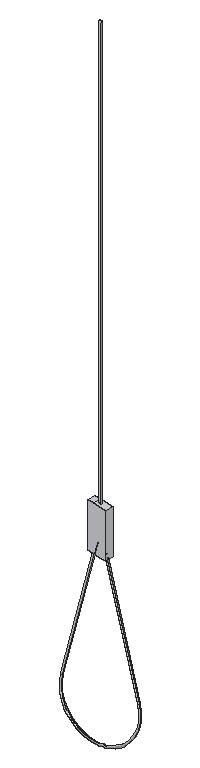
Revit family "Gripple Standard Hanger", category Specialty Equipment, Revit 2017
Family settings
  Round Connector Dimension = Use Diameter
  Part Type = Normal
  Work Plane-Based = Yes
  Always vertical = Yes
  Cut with Voids When Loaded = No
  Shared = Yes
  Room Calculation Point = No
Parameters (values of type "HF1")
  Wire Entry Triangle Top Distance = Gripple Length / 2  # 20 mm
  T/2 (-) = -(T / 2)  # -3.5 mm
  T/2 = T / 2  # 3.5 mm
  T = 7 mm
  Suspension End Fixing [instance] = ""
  Schedule Level [instance] = ""
  Schedule Discipline [instance] = ""
  Schedule Area [instance] = ""
  Included Angle (Max 60deg) [instance] = 30.00°
  Hanger SWL (kg) = "10 kg"
  Loop Centre [instance] = 100 mm
  Half Angle [instance] = [Included Angle (Max 60deg)] / 2  # 15.00°
  Gripple Width = 15 mm
  Gripple Length = 40 mm
  Gripple Kit Length (m) [instance] = roundup((2.5 * Loop Centre + Distance From Soffit + (150 mm / 1)) / 1000 mm / 1) * 1 mm  # 1 mm
  Go To URL [instance] = "http://www.gripple.co.uk/gb/en/p1/a14/standard-hanger"
  WireRadius = 0.8 mm
  Diameter [instance] = 92.959 mm
  D = 5 mm
  Distance From Soffit [instance] = 400 mm
  URL = "http://www.gripple.co.uk/gb/en/p1/a14/standard-hanger"
  Model = "Standard Hanger No1"
  Manufacturer = "Gripple Ltd"  # constant formula
  Default Elevation = 0 mm
  Assembly Code = "HF1"
Types (5, lengths in mm): name | Wire Entry Triangle Top Distance | T/2 (-) | T/2 | T | Hanger SWL (kg) | Gripple Width | Gripple Length | WireRadius | D | Model | Assembly Code
  HF2 | 22.5 | -3.5 | 3.5 | 7 | "45 kg" | 25 | 45 | 1 | 6 | "Standard Hanger No2" | "HF2"
  HF3 | 22.5 | -3.5 | 3.5 | 7 | "90 kg" | 25 | 45 | 1.5 | 6 | "Standard Hanger No3" | "HF3"
  HF4 | 31 | -6 | 6 | 12 | "225 kg" | 37 | 62 | 2.4 | 6 | "Standard Hanger No4" | "HF4"
  HF5 | 52.5 | -6 | 6 | 12 | "325 kg" | 48 | 105 | 3 | 6 | "Standard Hanger No5" | "HF5"
  HF1 | 20 | -3.5 | 3.5 | 7 | "10 kg" | 15 | 40 | 0.8 | 5 | "Standard Hanger No1" | "HF1"
Reference planes
  plane 1 "Center (Front/Back)": y = 0
  plane 2: z = 0
  plane 3 "Center (Left/Right)": x = 0
  plane 4: x = -7.5
  plane 5: x = 7.5
  plane 6: z = -360
  plane 7: z = -400
  plane 8: z = -500
  plane 9: z = -380
  plane 10: z = -370
  plane 11: z = -500
Forms (mm)
  Revolve 1, solid, detail levels fine
    sketch origin (0, 0, -206.25) x (1, 0, 0) y (0, 0, 1)
      loop
        line (0, -163.75) -> (0, 206.25) -> (-0.8, 206.25) -> (-0.8, -163.75) -> (0, -163.75)
      axis (0, -163.75) -> (0, 206.25)
    angle from 0 to 360
  Extrusion 2, solid, detail levels fine
    sketch origin (0, 0, -206.25) x (1, 0, 0) y (0, 0, 1)
      loop
        line (-7.5, -153.75) -> (-7.5, -191.071) -> (2.5, -193.75) -> (7.5, -193.75) -> (7.5, -156.429) -> (-2.5, -153.75) -> (-7.5, -153.75)
    from 3.5 <- "T/2" to -3.5 <- "T/2 (-)"
  Sweep 3, solid, detail levels fine
    path origin (0, 0, -206.25) x (1, 0, 0) y (0, 0, 1)
      loop
        line (0, -173.75) -> (-32.154, -293.75)
        arc (-32.154, -293.75) -> (0, -335.654) -> (32.154, -293.75) r 33.288
        line (32.154, -293.75) -> (0, -173.75)
    profile origin (16.077, 0, -440) x (0.965926, 0, 0.258819) y (0, -1, 0)
      loop
        circle (0, 0) r 0.8
Lines and regions (mm)
  reference lines
    curve 1: line (-2.5, 0, -360) -> (7.5, 0, -362.679)
    curve 2: line (2.5, 0, -400) -> (-7.5, 0, -397.321)
    curve 3: line (0, 0, -380) -> (-32.154, 0, -500)
    curve 4: line (0, 0, -380) -> (32.154, 0, -500)
    curve 5: arc (-32.154, 0, -500) -> (0, 0, -541.904) -> (32.154, 0, -500) r 33.288
  model lines, detail levels coarse+medium
    curve 6: line (0, 0, 0) -> (0, 0, -500)
    curve 7: line (-46.479, 0, 0) -> (46.479, 0, 0)
Dimensions and locks
  "WireRadius": Revolve 1 sketch curve to Revolve 1 sketch curve
  equal spacing: plane 5, plane 3 "Center (Left/Right)", plane 4
  "Gripple Width": plane 5 to plane 4
  "Gripple Length": plane 6 to plane 7
  "D": curve 1 to plane 4
  "D": curve 2 to plane 5
  "Wire Entry Triangle Top Distance": plane 9 to plane 7
  "Loop Centre": plane 7 to plane 11
  plane 6 to plane 10 = 10 mm
  "Distance From Soffit": plane 2 to plane 7
  "WireRadius": radius of Sweep 3 sketch curve
  locked: curve 1 to plane 6 (angle 15.00°)
  locked: curve 2 to plane 7 (angle 15.00°)
  "Half Angle": angle curve 3 to plane 3 "Center (Left/Right)" to curve 4
  angle curve 3 to curve 4 = 30.00°
  aligned and locked: level to plane 2
  aligned and locked: plane 3 "Center (Left/Right)" to Revolve 1 sketch curve
  aligned and locked: Revolve 1 sketch curve to plane 3 "Center (Left/Right)"
  aligned and locked: plane 6 to curve 1
  aligned and locked: plane 5 to curve 1
  aligned and locked: curve 2 to plane 4
  aligned and locked: plane 6 to Extrusion 2 sketch curve
  aligned and locked: plane 7 to Extrusion 2 sketch curve
  aligned and locked: curve 2 to Extrusion 2 sketch curve
  aligned and locked: Extrusion 2 sketch curve to plane 4
  aligned and locked: Extrusion 2 sketch curve to curve 1
  aligned and locked: plane 5 to Extrusion 2 sketch curve
  aligned and locked: plane 9 to curve 3
  aligned and locked: plane 3 "Center (Left/Right)" to curve 3
  aligned and locked: Revolve 1 sketch curve to plane 10
  aligned and locked: curve 4 to Sweep 3 sketch curve
  aligned and locked: Sweep 3 sketch curve to curve 3
  aligned and locked: plane 2 to Revolve 1 sketch curve
  aligned and locked: plane 11 to plane 8
  aligned and locked: plane 2 to curve 6
  aligned and locked: curve 6 to plane 3 "Center (Left/Right)"
  aligned and locked: curve 5 to curve 7
  aligned and locked: curve 7 to curve 5
  aligned and locked: plane 11 to curve 6
Automatic sketch dimensions
  Sweep 3 sketch curve to plane 8 = 0 mm
  curve 7 to plane 4 = 38.979 mm
  curve 7 to plane 5 = 38.979 mm
  curve 2 to plane 7 = 0 mm
  curve 5 to plane 8 = 0 mm
  Revolve 1 sketch curve to plane 9 = 4.763 mm
  plane 8 to Revolve 1 sketch curve = 6.378 mm
  Sweep 3 sketch curve to plane 1 "Center (Front/Back)" = 0 mm
  Sweep 3 sketch curve to profile plane = 0 mm
